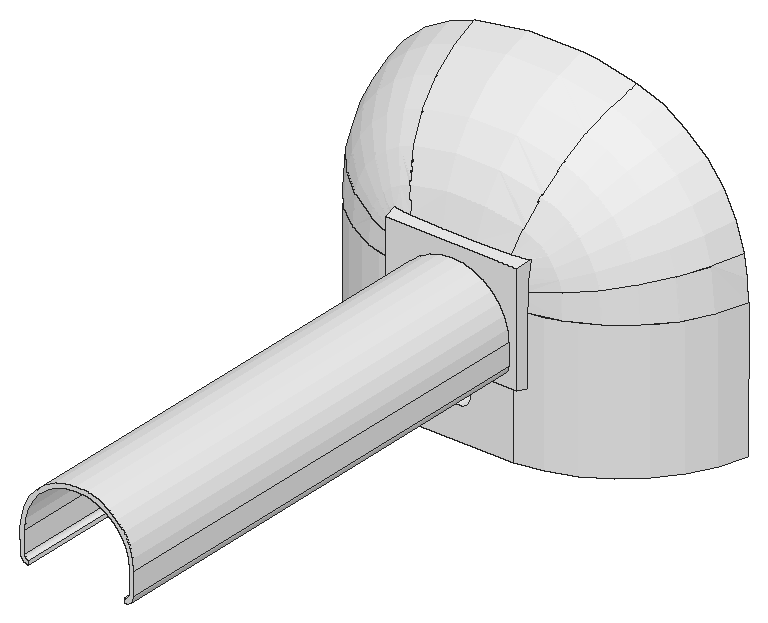
Revit family "Basin-Pedestal-American_Standard-Evolution-0467_Series", category Plumbing Fixtures, host Face, Revit 2014
Parameters (values of type "0467.100")
  Width = 22"  # constant formula
  Waste Connection Radius = 5/8"  # constant formula
  Waste Connection Height = 21"  # constant formula
  Waste Connection Diameter = Waste Connection Radius * 2  # 1 1/4"
  Waste Connection = yes
  WFU = 2  # constant formula
  Vent Connection = no
  URL = "https://www.americanstandard-us.com/"
  Type Comments = ""
  Symbolic 1 Lines = no
  Product Page URL = "https://www.americanstandard-us.com/bathroom/bathroom-sinks/evolution-22-inch-pedestal-sink-23298"
  Product Documentation Link = "https://www.americanstandard-us.com/-/media/sites/asus/files/product-specs/bulk/specsheet0467400.pdf?la=en"
  Price = "Prices may vary. Please consult Manufacturer Representative for most up-to-date price list."  # constant formula
  Pedestal Option = yes
  Model = "0467.100"
  Material = "Vitreous China-American Standard-020-White"  # constant formula
  Manufacturer = "American Standard"  # constant formula
  Length = 17 1/2"  # constant formula
  Installation Type = "Pedestal"  # constant formula
  Hot Water Connection Width = Cold Water Connection Width  # 4"
  Hot Water Connection Radius = Cold Water Connection Radius  # 3/16"
  Hot Water Connection Height = Cold Water Connection Height  # 23"
  Hot Water Connection Diameter = Hot Water Connection Radius * 2  # 3/8"
  Hole Punch Location = 50"
  Height = 8 1/8"  # constant formula
  HWFU = 1.5  # constant formula
  HW Connection = yes
  Description = "Evolution 22\" pedestal sink. Basin only. Center hole only."
  Default Elevation = 34"  # constant formula
  Creation Date = "01/19/2017"  # constant formula
  Cold Water Connection Width = 4"
  Cold Water Connection Radius = 3/16"  # constant formula
  Cold Water Connection Height = 23"  # constant formula
  Cold Water Connection Diameter = Cold Water Connection Radius * 2  # 3/8"
  CWFU = 1.5  # constant formula
  CW Connection = yes
  Basin Shape = "D Shape"  # constant formula
  Assembly Code = "D2010310"
Types (4): name | Symbolic 1 Lines | Model | Hole Punch Location | Description
  (no name) | no | "0467.100" | 50" | "Evolution 22\" pedestal sink. Basin only. Center hole only."
  0467.400 | yes | "0467.400" | 4" | "Evolution 22\" pedestal sink. Basin only. 4\" centers."
  0467.800 | yes | "0467.800" | 8" | "Evolution 22\" pedestal sink. Basin only. 8\" centers."
  0467.100 | no | "0467.100" | 50" | "Evolution 22\" pedestal sink. Basin only. Center hole only."
Reference planes (in)
  plane 1 "Center (Front/Back)": y = 0
  plane 2: z = 0
  plane 3 "Center (Left/Right)": x = 0
  plane 4: z = 17.5
  plane 5 "Finished Floor": y = -34
  plane 6: z = 15.9375
  plane 7: z = 4.9375
  plane 8: z = 7.875
  plane 9: z = 2.5
  plane 10: x = -11
  plane 11: x = 11
  plane 12: y = -13.75
  plane 13: y = -11.25
  plane 14: x = -9.125
  plane 15: y = -6
  plane 16: y = -8.25
  plane 17: y = -8.125
  plane 18: x = 25
  plane 19: x = -25
Forms (in)
  Extrusion 1, solid, not visible
    sketch origin (0, 0, 0) x (1, 0, 0) y (0, 1, 0)
      loop
        circle (0, -13) r 0.625
      loop
        circle (-2, -11) r 0.1875
      loop
        circle (2, -11) r 0.1875
    from 0 to -0.03125
  Sweep 2, solid, material "Vitreous China-American Standard-020-White"
    path origin (0, 0, 0) x (1, 0, 0) y (0, 0, 1)
      loop
        line (-11, 0) -> (-11, 7.875)
        arc (-11, 7.875) -> (-10.93966, 9.11052) -> (-10.75923, 10.33427) r 12.67997
        arc (-10.75923, 10.33427) -> (-8.62985, 14.4905) -> (-4.62623, 16.89456) r 8.5
        arc (-4.62623, 16.89456) -> (0, 17.50523) -> (4.62623, 16.89456) r 17.82866
        arc (4.62623, 16.89456) -> (8.62985, 14.4905) -> (10.75923, 10.33427) r 8.5
        arc (10.75923, 10.33427) -> (10.93966, 9.11052) -> (11, 7.875) r 12.67997
        line (11, 7.875) -> (11, 0)
    profile origin (-11, 0, 3.9375) x (-1, 0, 0) y (0, -1, 0)
      loop
        line (-1.875, 0) -> (0, 0)
        arc (0, 0) -> (-2.76044, 4.8094) -> (-7.875, 6.95223) r 8.64496
        line (-7.875, 6.95223) -> (-7.875, 6)
        arc (-7.875, 6) -> (-3.63236, 4.24264) -> (-1.875, 0) r 6
  Extrusion 3, solid, material "Vitreous China-American Standard-020-White"
    sketch origin (0, 0, 0) x (1, 0, 0) y (0, 1, 0)
      loop
        arc (-9.125, 0) -> (-7.36764, -4.24264) -> (-3.125, -6) r 6
        line (-3.125, -6) -> (3.125, -6)
        arc (3.125, -6) -> (7.36764, -4.24264) -> (9.125, 0) r 6
        line (9.125, 0) -> (-9.125, 0)
    from 0 to 7.875
  Extrusion 4, void
    sketch origin (40, 0, 0) x (1, 0, 0) y (0, 0, 1)
      loop
        line (-30.875, 7.875) -> (-49.125, 7.875)
        arc (-49.125, 7.875) -> (-48.93788, 6.73877) -> (-48.39628, 5.72254) r 3.54327
        arc (-48.39628, 5.72254) -> (-47.69363, 5.14447) -> (-46.80761, 4.9375) r 2
        line (-46.80761, 4.9375) -> (-33.19239, 4.9375)
        arc (-33.19239, 4.9375) -> (-32.30637, 5.14447) -> (-31.60372, 5.72254) r 2
        arc (-31.60372, 5.72254) -> (-31.06212, 6.73877) -> (-30.875, 7.875) r 3.54327
    from -3.51429 to 8.90542
  Extrusion 5, solid, material "Vitreous China-American Standard-020-White"
    sketch origin (0, 0, 0) x (1, 0, 0) y (0, 0, 1)
      loop
        arc (3.125, 7.875) -> (3.10214, 8.34319) -> (3.03376, 8.80692) r 4.80497
        arc (3.03376, 8.80692) -> (2.87719, 9.11253) -> (2.58281, 9.2893) r 0.625
        arc (2.58281, 9.2893) -> (0, 9.63023) -> (-2.58281, 9.2893) r 9.95366
        arc (-2.58281, 9.2893) -> (-2.87719, 9.11253) -> (-3.03376, 8.80692) r 0.625
        arc (-3.03376, 8.80692) -> (-3.10214, 8.34319) -> (-3.125, 7.875) r 4.80497
        line (-3.125, 7.875) -> (-3.125, 0) -> (3.125, 0) -> (3.125, 7.875)
      loop
        circle (0, 7.875) r 0.75
    from 6 to 6.95223
  Extrusion 6, void
    sketch origin (0, 0, 0) x (1, 0, 0) y (0, 1, 0)
      loop
        circle (0, -0.93215) r 0.25
    from 0 to 12
  Extrusion 7, void
    sketch origin (0, 0, 0) x (1, 0, 0) y (0, 0, 1)
      loop
        circle (0, 2.5) r 0.6875
      loop
        circle (-25, 2.5) r 0.6875
      loop
        circle (25, 2.5) r 0.6875
    from 0 to 12
  Blend 8, solid, material "Vitreous China-American Standard-020-White"
    base sketch origin (0, 0, -1.875) x (1, 0, 0) y (0, 0, 1)
      loop
        line (4, 12.5) -> (-4, 12.5) -> (-4, 5.6875) -> (4, 5.6875) -> (4, 12.5)
    top sketch origin (0, 0, -1.875) x (1, 0, 0) y (0, 0, 1)
      loop
        line (3.75, 6) -> (3.75, 12.25) -> (-3.75, 12.25) -> (-3.75, 6) -> (3.75, 6)
    from 6 to 7.46873
  Extrusion 9, solid, material "Vitreous China-American Standard-020-White"
    sketch origin (0, 0, 0) x (1, 0, 0) y (0, 0, 1)
      loop
        circle (0, 7.875) r 0.75
      loop
        circle (0, 7.875) r 1.25
    from 7.46873 to 8.125
  Extrusion 10, void
    sketch origin (0, 0, 0) x (1, 0, 0) y (0, 0, 1)
      loop
        circle (0, 7.875) r 0.75
    from 0 to 12
  Extrusion 11, solid, material "Vitreous China-American Standard-020-White", visible <- "Pedestal Option"
    sketch origin (0, 0, 0) x (1, 0, 0) y (0, 0, 1)
      loop
        arc (3.25, 6.39802) -> (0, 9.64802) -> (-3.25, 6.39802) r 3.25
        line (-3.25, 6.39802) -> (-3.25, 5.14802)
        arc (-3.25, 5.14802) -> (-3.10355, 4.79447) -> (-2.75, 4.64802) r 0.5
        line (-2.75, 4.64802) -> (-2.75, 4.89802)
        arc (-2.75, 4.89802) -> (-2.92678, 4.97125) -> (-3, 5.14802) r 0.25
        line (-3, 5.14802) -> (-3, 6.39802)
        arc (-3, 6.39802) -> (0, 9.39802) -> (3, 6.39802) r 3
        line (3, 6.39802) -> (3, 5.14802)
        arc (3, 5.14802) -> (2.92678, 4.97125) -> (2.75, 4.89802) r 0.25
        line (2.75, 4.89802) -> (2.75, 4.64802)
        arc (2.75, 4.64802) -> (3.10355, 4.79447) -> (3.25, 5.14802) r 0.5
        line (3.25, 5.14802) -> (3.25, 6.39802)
    from 7.46873 to 34.25
Cuts and joins
  Extrusion 6, Extrusion 7, Extrusion 10 cuts Sweep 2
  Extrusion 4, Extrusion 6, Extrusion 7, Extrusion 10 cuts Extrusion 3
  Extrusion 6, Extrusion 7, Extrusion 10 cuts Extrusion 5
  Extrusion 10 cuts Blend 8
  joined: Sweep 2, Extrusion 3, Extrusion 5, Blend 8
  Extrusion 10 cuts Extrusion 9
Lines and regions (in)
  Masking region 1
    outline origin (0, 0, 0) x (1, 0, 0) y (0, 0, 1)
      loop
        line (11, 0) -> (11, 7.875)
        arc (11, 7.875) -> (10.93966, 9.11052) -> (10.75923, 10.33427) r 12.67997
        arc (10.75923, 10.33427) -> (8.62985, 14.4905) -> (4.62623, 16.89456) r 8.5
        arc (4.62623, 16.89456) -> (0, 17.50523) -> (-4.62623, 16.89456) r 17.82866
        arc (-4.62623, 16.89456) -> (-8.62985, 14.4905) -> (-10.75923, 10.33427) r 8.5
        arc (-10.75923, 10.33427) -> (-10.93966, 9.11052) -> (-11, 7.875) r 12.67997
        line (-11, 7.875) -> (-11, 0) -> (11, 0)
  symbolic lines, detail levels medium+fine
    curve 1: arc (8.91983, 0, 9.97062) -> (7.26017, 0, 13.21003) -> (4.1397, 0, 15.08378) r 6.625
    curve 2: arc (4.1397, 0, 15.08378) -> (0, 0, 15.63023) -> (-4.1397, 0, 15.08378) r 15.95366
    curve 3: arc (-4.1397, 0, 15.08378) -> (-7.26017, 0, 13.21003) -> (-8.91983, 0, 9.97062) r 6.625
    curve 4: arc (-8.91983, 0, 9.97062) -> (-9.07359, 0, 8.92782) -> (-9.125, 0, 7.875) r 10.80497
    curve 5: arc (-9.125, 0, 7.875) -> (-8.93788, 0, 6.73877) -> (-8.39628, 0, 5.72254) r 3.54327
    curve 6: arc (-8.39628, 0, 5.72254) -> (-7.69363, 0, 5.14447) -> (-6.80761, 0, 4.9375) r 2
    curve 7: line (-6.80761, 0, 4.9375) -> (6.80761, 0, 4.9375)
    curve 8: arc (6.80761, 0, 4.9375) -> (7.69363, 0, 5.14447) -> (8.39628, 0, 5.72254) r 2
    curve 9: arc (8.39628, 0, 5.72254) -> (8.93788, 0, 6.73877) -> (9.125, 0, 7.875) r 3.54327
    curve 10: arc (9.125, 0, 7.875) -> (9.07359, 0, 8.92782) -> (8.91983, 0, 9.97062) r 10.80497
    curve 11: circle (0, 0, 7.875) r 0.75 normal (0, -1, 0)
    curve 12: circle (0, 0, 2.5) r 0.6875 normal (0, -1, 0)
  symbolic lines, visible <- "Symbolic 1 Lines", detail levels medium+fine
    curve 13: circle (25, 0, 2.5) r 0.6875 normal (0, -1, 0)
    curve 14: circle (-25, 0, 2.5) r 0.6875 normal (0, -1, 0)
Dimensions and locks (in)
  locked: host face to plane 4 at 17.5
  host face to plane 8 = 7 7/8"
  plane 9 to plane 7 = 2 7/16"
  "Default Elevation": plane 5 "Finished Floor" to plane 1 "Center (Front/Back)"
  plane 7 to plane 6 = 11"
  locked: plane 17 to plane 1 "Center (Front/Back)" at 8.125
  locked: plane 10 to plane 11 at 22
  "Hole Punch Location": plane 19 to plane 18
  equal spacing: plane 19, plane 3 "Center (Left/Right)", plane 18
  host face to plane 9 = 2 1/2"
  aligned and locked: plane 2 to host face
  aligned and locked: level to host face
  aligned and locked: curve 13 to cut or joined group of Sweep 2, Extrusion 3, Extrusion 4, Extrusion 5, Extrusion 6, Extrusion 7, Blend 8, Extrusion 10
  aligned and locked: curve 14 to cut or joined group of Sweep 2, Extrusion 3, Extrusion 4, Extrusion 5, Extrusion 6, Extrusion 7, Blend 8, Extrusion 10
  aligned and locked: plane 3 "Center (Left/Right)" to Extrusion 7 sketch curve
  aligned and locked: plane 18 to Extrusion 7 sketch curve
  aligned and locked: plane 19 to Extrusion 7 sketch curve
Automatic sketch dimensions
  host sketch curve to host sketch curve = 96"  (x2)
  Extrusion 1 sketch curve to plane 3 "Center (Left/Right)" = 0"
  plane 3 "Center (Left/Right)" to Extrusion 1 sketch curve = 2"
  Extrusion 1 sketch curve to plane 3 "Center (Left/Right)" = 2"
  plane 1 "Center (Front/Back)" to Extrusion 1 sketch curve = 13"
  Extrusion 1 sketch curve to Extrusion 1 sketch curve = 2"  (x2)
  Sweep 2 sketch curve to plane 8 = 0"  (x2)
  Sweep 2 sketch curve to plane 10 = 0"
  Sweep 2 sketch curve to plane 3 "Center (Left/Right)" = 0"
  plane 11 to Sweep 2 sketch curve = 0"
  Sweep 2 sketch curve to level = 0"  (x2)
  plane 10 to Sweep 2 sketch curve = 0.24077"
  Sweep 2 sketch curve to Sweep 2 sketch curve = 0"  (x3)
  Sweep 2 sketch curve to plane 4 = 0.60544"  (x2)
  Sweep 2 sketch curve to Sweep 2 sketch curve = 2.20561"
  Sweep 2 sketch curve to Sweep 2 sketch curve = 0.74066"  (x2)
  plane 11 to Sweep 2 sketch curve = 0.24077"
  plane 1 "Center (Front/Back)" to Sweep 2 sketch curve = 0"
  Sweep 2 sketch curve to plane 14 = 0"
  Sweep 2 sketch curve to profile plane = 0"
  Sweep 2 sketch curve to Sweep 2 sketch curve = 0.60685"
  Sweep 2 sketch curve to plane 1 "Center (Front/Back)" = 1.6714"
  Sweep 2 sketch curve to plane 15 = 0"
  plane 1 "Center (Front/Back)" to Extrusion 3 sketch curve = 0"
  plane 10 to Extrusion 3 sketch curve = 1 7/8"
  Extrusion 3 sketch curve to plane 3 "Center (Left/Right)" = 3 1/8"
  plane 11 to Extrusion 3 sketch curve = 1 7/8"
  Extrusion 4 sketch curve to plane 7 = 0"
  plane 10 to Extrusion 4 sketch curve = 1 7/8"
  plane 7 to Extrusion 4 sketch curve = 0.78504"  (x2)
  Extrusion 4 sketch curve to Extrusion 4 sketch curve = 0.72872"
  Extrusion 4 sketch curve to Extrusion 4 sketch curve = 0"
  plane 11 to Extrusion 4 sketch curve = 5.41827"
  Extrusion 4 sketch curve to Extrusion 4 sketch curve = 1.22587"
  Extrusion 4 sketch curve to Extrusion 4 sketch curve = 1.58867"
  Extrusion 4 sketch curve to plane 8 = 0"
  Extrusion 5 sketch curve to level = 0"
  Extrusion 5 sketch curve to plane 8 = 0"  (x3)
  Extrusion 5 sketch curve to plane 3 "Center (Left/Right)" = 0"  (x2)
  Extrusion 5 sketch curve to Extrusion 5 sketch curve = 1.67997"
  Extrusion 5 sketch curve to Extrusion 5 sketch curve = 0.74066"  (x2)
  Extrusion 5 sketch curve to Extrusion 5 sketch curve = 0.16218"  (x2)
  Extrusion 5 sketch curve to Extrusion 5 sketch curve = 0"  (x4)
  Extrusion 5 sketch curve to Extrusion 5 sketch curve = 0.61313"
  Extrusion 5 sketch curve to Extrusion 5 sketch curve = 0.09124"
  plane 3 "Center (Left/Right)" to Extrusion 5 sketch curve = 1.67997"
  Extrusion 6 sketch curve to plane 3 "Center (Left/Right)" = 0"
  plane 1 "Center (Front/Back)" to Extrusion 6 sketch curve = 0.93215"
  Extrusion 7 sketch curve to plane 9 = 0"  (x3)
  Masking region 1 sketch curve to plane 3 "Center (Left/Right)" = 0"
  Masking region 1 sketch curve to plane 11 = 0"
  Masking region 1 sketch curve to plane 4 = 0.60544"  (x2)
  Masking region 1 sketch curve to plane 3 "Center (Left/Right)" = 4.62623"
  plane 8 to Masking region 1 sketch curve = 0.8107"
  plane 3 "Center (Left/Right)" to Masking region 1 sketch curve = 2.42063"
  plane 3 "Center (Left/Right)" to Masking region 1 sketch curve = 4.62623"
  plane 11 to Masking region 1 sketch curve = 0.24077"
  Masking region 1 sketch curve to level = 0"
  plane 10 to Masking region 1 sketch curve = 0.24077"
  Masking region 1 sketch curve to Masking region 1 sketch curve = 0"
  Masking region 1 sketch curve to Masking region 1 sketch curve = 4.84126"
  Masking region 1 sketch curve to plane 8 = 0"  (x2)
  Masking region 1 sketch curve to plane 10 = 0"
  Blend 8 sketch curve to plane 3 "Center (Left/Right)" = 4"
  plane 9 to Blend 8 sketch curve = 1 5/16"
  plane 11 to Blend 8 sketch curve = 7"
  plane 8 to Blend 8 sketch curve = 2 3/4"
  Blend 8 sketch curve to plane 3 "Center (Left/Right)" = 3 3/4"
  Blend 8 sketch curve to plane 7 = 13/16"
  plane 3 "Center (Left/Right)" to Blend 8 sketch curve = 3 3/4"
  plane 8 to Blend 8 sketch curve = 2 1/2"
  Extrusion 9 sketch curve to Extrusion 9 sketch curve = 0"  (x2)
  Extrusion 9 sketch curve to plane 3 "Center (Left/Right)" = 0"
  Extrusion 9 sketch curve to plane 8 = 0"
  curve 4 to plane 8 = 0"
  curve 6 to plane 7 = 0"
  curve 10 to plane 8 = 0"
  curve 2 to plane 3 "Center (Left/Right)" = 0"
  curve 11 to plane 3 "Center (Left/Right)" = 0"
  curve 12 to plane 3 "Center (Left/Right)" = 0"
  curve 12 to plane 9 = 0"
  curve 11 to plane 8 = 0"
  curve 2 to plane 6 = 0.85372"
  curve 2 to plane 3 "Center (Left/Right)" = 4.1397"
  curve 3 to curve 2 = 0"
  plane 10 to curve 5 = 5.41827"
  curve 7 to curve 5 = 1.22587"
  plane 7 to curve 5 = 0.78504"
  curve 5 to curve 7 = 1.58867"
  plane 10 to curve 3 = 2.08017"
  curve 4 to curve 3 = 0"
  curve 4 to curve 5 = 0"
  curve 3 to curve 11 = 2.42063"
  curve 3 to curve 10 = 0.74066"
  curve 4 to curve 1 = 0.74066"
  curve 1 to plane 6 = 0.85372"
  plane 3 "Center (Left/Right)" to curve 1 = 4.1397"
  curve 1 to curve 9 = 3.16111"
  curve 9 to curve 7 = 1.22587"
  plane 7 to curve 8 = 0.78504"
  curve 9 to curve 8 = 0"
  curve 10 to curve 1 = 0"
  Extrusion 10 sketch curve to plane 3 "Center (Left/Right)" = 0"
  Extrusion 10 sketch curve to plane 8 = 0"
  Extrusion 11 sketch curve to Extrusion 11 sketch curve = 0"  (x4)
  Extrusion 11 sketch curve to plane 3 "Center (Left/Right)" = 0"
  Extrusion 11 sketch curve to plane 7 = 0.03948"
  Extrusion 11 sketch curve to plane 3 "Center (Left/Right)" = 2 3/4"
  Extrusion 11 sketch curve to Extrusion 11 sketch curve = 1/4"  (x3)
  Extrusion 11 sketch curve to plane 7 = 0.28948"
  plane 7 to Extrusion 11 sketch curve = 1.46052"
  radius of Extrusion 1 sketch curve = 5/8"
  radius of Extrusion 1 sketch curve = 3/16"  (x2)
  radius of Extrusion 5 sketch curve = 3/4"
  radius of Extrusion 6 sketch curve = 1/4"
  radius of Extrusion 7 sketch curve = 11/16"  (x3)
  radius of Extrusion 9 sketch curve = 3/4"
  radius of Extrusion 9 sketch curve = 1 1/4"
  radius of curve 11 = 3/4"
  radius of curve 12 = 11/16"
  radius of Extrusion 10 sketch curve = 3/4"
Connectors (in)
  piping at (2, -11, -0.03125), diameter 0.375, driven by "Cold Water Connection Radius", driven by "CWFU"
    settings: on Extrusion 1, index 1, connector inside diameter 3/8", connector length 0", flow factor 0, pipe flow 0 GPM, pressure drop 0.00 psi, fitting loss kfactor 0, connector angle 0.00°, fixture units 1.5, engagement length 0", angle of deflection 0.00°, flow configuration 3, flow direction 1, fitting loss method 0, system type 20, joint type 0, gender type 0, connector reference index -1, connector utility 0, adjustable connector no, is connector primary yes, connector description "3/8\" CW Inlet"
  piping at (0, -13, -0.03125), diameter 1.25, driven by "Waste Connection Radius", driven by "WFU"
    settings: on Extrusion 1, index 2, connector inside diameter 1 1/4", connector length 0", flow factor 0, pipe flow 0 GPM, pressure drop 0.00 psi, fitting loss kfactor 0, connector angle 0.00°, fixture units 2, engagement length 0", angle of deflection 0.00°, flow configuration 3, flow direction 2, fitting loss method 0, system type 16, joint type 0, gender type 0, connector reference index -1, connector utility 0, adjustable connector yes, is connector primary no, connector description "1-1/4\" Waste Outlet"
  piping at (-2, -11, -0.03125), diameter 0.375, driven by "Hot Water Connection Radius", driven by "HWFU"
    settings: on Extrusion 1, index 3, connector inside diameter 3/8", connector length 0", flow factor 0, pipe flow 0 GPM, pressure drop 0.00 psi, fitting loss kfactor 0, connector angle 0.00°, fixture units 1.5, engagement length 0", angle of deflection 0.00°, flow configuration 3, flow direction 1, fitting loss method 0, system type 19, joint type 0, gender type 0, connector reference index -1, connector utility 0, adjustable connector no, is connector primary no, connector description "3/8\" HW Inlet"
